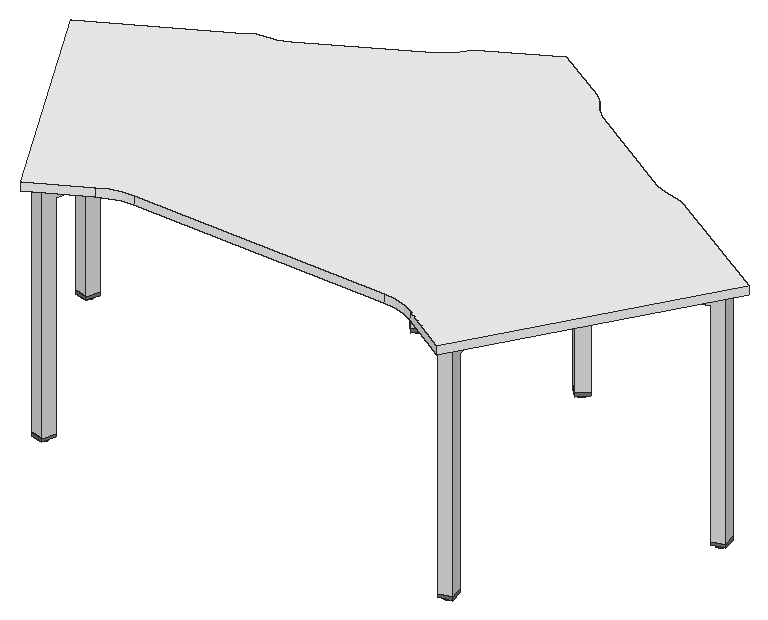
Revit family "Script Straight Leg 120 degree workstation 800 Deep", category Furniture, Revit 2016
Family settings
  OmniClass Number = 23.40.20.00
  OmniClass Title = General Furniture and Specialties
  Work Plane-Based = No
  Always vertical = Yes
  Cut with Voids When Loaded = No
  Shared = No
  Room Calculation Point = No
Parameters
  URL = "www.gof.co.uk"
  Type Comments = ""
  Product Code = "XDYS128"
  Desktop = Gresham - White MFC
  Model = ""
  Manufacturer = "Gresham Office Furniture"  # constant formula
  Frame = Gresham - Silver Metal
  Foot = Gresham - Black Plastic
  Assembly Code = "E2020200"
Reference planes
  plane 1 "Center (Front/Back)": y = -58.397
  plane 2: z = 0
  plane 3 "Center (Left/Right)": x = 0
  plane 4 "Desktop Underside": z = 702
  plane 5 "Foot": z = 15
  plane 6: y = 588.013
  plane 7: y = -704.808
  plane 8: x = -1039.23
  plane 9: x = 1039.23
Forms (mm)
  Extrusion 1, solid, material "Gresham - Silver Metal" <- "Frame"
    sketch origin (511.714, -228.91, 702) x (0.258819, -0.965926, 0) y (0, 0, 1)
      loop
        line (-93, -40) -> (402.685, -40) -> (402.685, -687) -> (442.685, -687) -> (442.685, 0) -> (-93, 0) -> (-93, -40)
    from -20 to 20
  Extrusion 2, solid, material "Gresham - Black Plastic" <- "Foot"
    sketch origin (59.808, 91.603, 15) x (-0.866025, 0.5, 0) y (-0.5, -0.866025, 0)
      loop
        line (-850.503, 378.787) -> (-878.787, 350.503) -> (-850.503, 322.218) -> (-822.218, 350.503) -> (-850.503, 378.787)
      loop
        line (-850.503, -378.787) -> (-822.218, -350.503) -> (-850.503, -322.218) -> (-878.787, -350.503) -> (-850.503, -378.787)
    from 0 to -10
  Extrusion 3, solid, material "Gresham - Black Plastic"
    sketch origin (59.808, 91.603, 0) x (0.866025, -0.5, 0) y (0.5, 0.866025, 0)
      loop
        circle (850.503, -350.503) r 15
      loop
        circle (850.503, 350.503) r 15
    from 0 to 5
  Extrusion 4, solid, material "Gresham - Silver Metal" <- "Frame"
    sketch origin (1039.23, -11.987, 702) x (-0.965926, -0.258819, 0) y (0, 0, 1)
      loop
        line (585.685, -40) -> (585.685, 0) -> (50, 0) -> (50, -687) -> (90, -687) -> (90, -40) -> (585.685, -40)
    from -20 to 20
  Extrusion 5, solid, material "Gresham - White MFC" <- "Desktop"
    sketch origin (-74115.542, -33223.428, 702) x (-1, 0, 0) y (0, -1, 0)
      loop
        line (-74288.747, -33711.441) -> (-74115.542, -33811.441) -> (-73942.337, -33711.441)
        arc (-73942.337, -33711.441) -> (-73920.203, -33695.005) -> (-73902.405, -33673.952) r 120
        arc (-73902.405, -33673.952) -> (-73884.606, -33652.899) -> (-73862.472, -33636.463) r 120
        line (-73862.472, -33636.463) -> (-73553.567, -33458.117)
        arc (-73553.567, -33458.117) -> (-73528.267, -33447.166) -> (-73501.135, -33442.279) r 120
        arc (-73501.135, -33442.279) -> (-73474.003, -33437.391) -> (-73448.703, -33426.441) r 120
        line (-73448.703, -33426.441) -> (-73076.312, -33211.441) -> (-73476.312, -32518.62) -> (-73632.196, -32608.62)
        arc (-73632.196, -32608.62) -> (-73680.432, -32628.6) -> (-73732.196, -32635.415) r 200
        line (-73732.196, -32635.415) -> (-74498.888, -32635.415)
        arc (-74498.888, -32635.415) -> (-74550.652, -32628.6) -> (-74598.888, -32608.62) r 200
        line (-74598.888, -32608.62) -> (-74754.773, -32518.62) -> (-75154.773, -33211.441) -> (-74782.382, -33426.441)
        arc (-74782.382, -33426.441) -> (-74757.081, -33437.391) -> (-74729.949, -33442.279) r 120
        arc (-74729.949, -33442.279) -> (-74702.817, -33447.166) -> (-74677.517, -33458.117) r 120
        line (-74677.517, -33458.117) -> (-74368.612, -33636.463)
        arc (-74368.612, -33636.463) -> (-74346.478, -33652.899) -> (-74328.68, -33673.952) r 120
        arc (-74328.68, -33673.952) -> (-74310.881, -33695.005) -> (-74288.747, -33711.441) r 120
    from 0 to 25
  Extrusion 6, solid, material "Gresham - Silver Metal" <- "Frame"
    sketch origin (-492.82, -158.397, 702) x (-0.258819, -0.965926, 0) y (0, 0, 1)
      loop
        line (-20, -40) -> (475.685, -40) -> (475.685, -687) -> (515.685, -687) -> (515.685, 0) -> (-20, 0) -> (-20, -40)
    from -20 to 20
  Extrusion 7, solid, material "Gresham - Black Plastic" <- "Foot"
    sketch origin (-59.808, 91.603, 15) x (0.866025, 0.5, 0) y (-0.5, 0.866025, 0)
      loop
        line (-850.503, -378.787) -> (-822.218, -350.503) -> (-850.503, -322.218) -> (-878.787, -350.503) -> (-850.503, -378.787)
      loop
        line (-850.503, 378.787) -> (-878.787, 350.503) -> (-850.503, 322.218) -> (-822.218, 350.503) -> (-850.503, 378.787)
    from 0 to -10
  Extrusion 8, solid, material "Gresham - Black Plastic"
    sketch origin (-59.808, 91.603, 0) x (-0.866025, -0.5, 0) y (0.5, -0.866025, 0)
      loop
        circle (850.503, 350.503) r 15
      loop
        circle (850.503, -350.503) r 15
    from 0 to 5
  Extrusion 9, solid, material "Gresham - Silver Metal" <- "Frame"
    sketch origin (-1039.23, -11.987, 702) x (0.965926, -0.258819, 0) y (0, 0, 1)
      loop
        line (585.685, -40) -> (585.685, 0) -> (50, 0) -> (50, -687) -> (90, -687) -> (90, -40) -> (585.685, -40)
    from -20 to 20
  Extrusion 10, solid, material "Gresham - Silver Metal" <- "Frame"
    sketch origin (-300, 385.94, 702) x (0.707107, -0.707107, 0) y (0, 0, 1)
      loop
        line (444.264, -40) -> (444.264, 0) -> (50, 0) -> (50, -687) -> (90, -687) -> (90, -40) -> (444.264, -40)
    from -20 to 20
  Extrusion 11, solid, material "Gresham - Black Plastic" <- "Foot"
    sketch origin (0, -514.06, 15) x (0, -1, 0) y (1, 0, 0)
      loop
        line (-850.503, -278.787) -> (-822.218, -250.503) -> (-850.503, -222.218) -> (-878.787, -250.503) -> (-850.503, -278.787)
      loop
        line (-850.503, 278.787) -> (-878.787, 250.503) -> (-850.503, 222.218) -> (-822.218, 250.503) -> (-850.503, 278.787)
    from 0 to -10
  Extrusion 12, solid, material "Gresham - Black Plastic"
    sketch origin (0, -514.06, 0) x (0, 1, 0) y (-1, 0, 0)
      loop
        circle (850.503, 250.503) r 15
      loop
        circle (850.503, -250.503) r 15
    from 0 to 5
  Extrusion 13, solid, material "Gresham - Silver Metal" <- "Frame"
    sketch origin (300, 385.94, 702) x (-0.707107, -0.707107, 0) y (0, 0, 1)
      loop
        line (444.264, -40) -> (444.264, 0) -> (50, 0) -> (50, -687) -> (90, -687) -> (90, -40) -> (444.264, -40)
    from -20 to 20
Cuts and joins
  joined: Extrusion 1, Extrusion 4
  joined: Extrusion 6, Extrusion 9
  joined: Extrusion 10, Extrusion 13
Lines and regions (mm)
  reference lines
    curve 1: line (1039.23, -11.987, 702) -> (492.82, -158.397, 702)
    curve 2: line (492.82, -158.397, 702) -> (639.23, -704.808, 702)
    curve 3: line (-1039.23, -11.987, 702) -> (-492.82, -158.397, 702)
    curve 4: line (-492.82, -158.397, 702) -> (-639.23, -704.808, 702)
    curve 5: line (300, 385.94, 702) -> (0, 85.94, 702)
    curve 6: line (-300, 385.94, 702) -> (0, 85.94, 702)
Dimensions and locks
  locked: plane 4 "Desktop Underside" to plane 2 at 702
  plane 2 to plane 5 "Foot" to Extrusion 1 = 15 mm locked, 647 mm
  equal spacing: plane 7, plane 1 "Center (Front/Back)", plane 6
  locked: curve 6 to Extrusion 10 at 50
  locked: curve 5 to Extrusion 13 at 50
  locked: curve 1 to cut or joined group of Extrusion 1, Extrusion 4 at 50
  locked: curve 3 to cut or joined group of Extrusion 6, Extrusion 9 at 50
  Extrusion 5 to Extrusion 5 = 1200 mm  (x2)
  Extrusion 5 to level = 727 mm
  aligned and locked: level to plane 2
Automatic sketch dimensions
  plane 7 to curve 2 = 0 mm
  plane 7 to curve 4 = 0 mm
  plane 1 "Center (Front/Back)" to curve 2 = 100 mm
  plane 3 "Center (Left/Right)" to curve 2 = 492.82 mm
  plane 1 "Center (Front/Back)" to curve 3 = 100 mm
  curve 3 to plane 3 "Center (Left/Right)" = 492.82 mm
  curve 2 to curve 1 = 146.41 mm
  curve 1 to plane 1 "Center (Front/Back)" = 46.41 mm
  curve 3 to curve 4 = 146.41 mm
  curve 3 to plane 1 "Center (Front/Back)" = 46.41 mm
  Extrusion 1 sketch curve to curve 2 = 0 mm
  Extrusion 1 sketch curve to curve 2 = 20 mm
  curve 2 to Extrusion 1 sketch curve = 40 mm
  Extrusion 1 sketch curve to curve 2 = 90 mm
  Extrusion 1 sketch curve to curve 2 = 687 mm
  Extrusion 2 sketch curve to plane 7 = 53.473 mm
  plane 3 "Center (Left/Right)" to Extrusion 2 sketch curve = 645.608 mm
  Extrusion 2 sketch curve to Extrusion 2 sketch curve = 0 mm
  Extrusion 2 sketch curve to Extrusion 2 sketch curve = 28.284 mm  (x6)
  Extrusion 2 sketch curve to Extrusion 2 sketch curve = 644.437 mm
  Extrusion 3 sketch curve to plane 1 "Center (Front/Back)" = 28.293 mm
  plane 3 "Center (Left/Right)" to Extrusion 3 sketch curve = 971.616 mm
  Extrusion 3 sketch curve to Extrusion 3 sketch curve = 0 mm
  Extrusion 3 sketch curve to Extrusion 3 sketch curve = 701.005 mm
  Extrusion 4 sketch curve to curve 1 = 0 mm
  Extrusion 4 sketch curve to Extrusion 4 sketch curve = 40 mm  (x2)
  curve 1 to Extrusion 4 sketch curve = 20 mm
  Extrusion 4 sketch curve to curve 1 = 687 mm
  plane 7 to Extrusion 5 sketch curve = 0 mm  (x2)
  Extrusion 5 sketch curve to plane 3 "Center (Left/Right)" = 0 mm
  plane 6 to Extrusion 5 sketch curve = 0 mm
  plane 3 "Center (Left/Right)" to Extrusion 5 sketch curve = 113.205 mm
  Extrusion 5 sketch curve to Extrusion 5 sketch curve = 60 mm  (x6)
  Extrusion 5 sketch curve to Extrusion 5 sketch curve = 79.865 mm  (x2)
  plane 6 to Extrusion 5 sketch curve = 71.054 mm  (x2)
  plane 7 to Extrusion 5 sketch curve = 83.205 mm  (x2)
  plane 3 "Center (Left/Right)" to Extrusion 5 sketch curve = 383.346 mm
  Extrusion 5 sketch curve to plane 7 = 90 mm  (x2)
  Extrusion 5 sketch curve to Extrusion 5 sketch curve = 100 mm
  Extrusion 5 sketch curve to Extrusion 5 sketch curve = 308.905 mm  (x2)
  Extrusion 5 sketch curve to Extrusion 5 sketch curve = 44.865 mm  (x2)
  Extrusion 5 sketch curve to Extrusion 5 sketch curve = 155.885 mm  (x2)
  Extrusion 5 sketch curve to plane 1 "Center (Front/Back)" = 261.41 mm  (x2)
  Extrusion 5 sketch curve to Extrusion 5 sketch curve = 104.865 mm  (x2)
  Extrusion 5 sketch curve to plane 3 "Center (Left/Right)" = 113.205 mm
  Extrusion 5 sketch curve to plane 3 "Center (Left/Right)" = 383.346 mm
  plane 6 to Extrusion 5 sketch curve = 100 mm  (x2)
  Extrusion 5 sketch curve to Extrusion 5 sketch curve = 74.977 mm  (x2)
  Extrusion 5 sketch curve to Extrusion 5 sketch curve = 103.923 mm  (x4)
  Extrusion 5 sketch curve to Extrusion 5 sketch curve = 135.599 mm  (x2)
  Extrusion 5 sketch curve to Extrusion 5 sketch curve = 31.676 mm  (x2)
  curve 4 to Extrusion 6 sketch curve = 0 mm
  Extrusion 6 sketch curve to curve 4 = 20 mm
  curve 4 to Extrusion 6 sketch curve = 40 mm
  Extrusion 6 sketch curve to curve 4 = 90 mm
  Extrusion 6 sketch curve to curve 4 = 687 mm
  plane 7 to Extrusion 7 sketch curve = 53.473 mm
  plane 3 "Center (Left/Right)" to Extrusion 7 sketch curve = 645.608 mm
  Extrusion 7 sketch curve to Extrusion 7 sketch curve = 0 mm
  Extrusion 7 sketch curve to Extrusion 7 sketch curve = 28.284 mm  (x6)
  Extrusion 7 sketch curve to Extrusion 7 sketch curve = 644.437 mm
  plane 1 "Center (Front/Back)" to Extrusion 8 sketch curve = 28.293 mm
  plane 3 "Center (Left/Right)" to Extrusion 8 sketch curve = 971.616 mm
  Extrusion 8 sketch curve to Extrusion 8 sketch curve = 0 mm
  Extrusion 8 sketch curve to Extrusion 8 sketch curve = 701.005 mm
  curve 3 to Extrusion 9 sketch curve = 0 mm
  Extrusion 9 sketch curve to Extrusion 9 sketch curve = 40 mm  (x2)
  curve 3 to Extrusion 9 sketch curve = 20 mm
  Extrusion 9 sketch curve to curve 3 = 687 mm
  curve 6 to Extrusion 10 sketch curve = 0 mm
  Extrusion 10 sketch curve to Extrusion 10 sketch curve = 40 mm  (x2)
  curve 6 to Extrusion 10 sketch curve = 20 mm
  Extrusion 10 sketch curve to curve 6 = 687 mm
  plane 6 to Extrusion 11 sketch curve = 223.286 mm  (x2)
  Extrusion 11 sketch curve to Extrusion 11 sketch curve = 28.284 mm  (x6)
  Extrusion 11 sketch curve to plane 3 "Center (Left/Right)" = 278.787 mm
  plane 3 "Center (Left/Right)" to Extrusion 11 sketch curve = 222.218 mm
  plane 6 to Extrusion 12 sketch curve = 251.57 mm  (x2)
  plane 3 "Center (Left/Right)" to Extrusion 12 sketch curve = 250.503 mm
  Extrusion 12 sketch curve to plane 3 "Center (Left/Right)" = 250.503 mm
  Extrusion 13 sketch curve to curve 5 = 0 mm
  Extrusion 13 sketch curve to Extrusion 13 sketch curve = 40 mm  (x2)
  curve 5 to Extrusion 13 sketch curve = 20 mm
  Extrusion 13 sketch curve to curve 5 = 687 mm
  curve 6 to plane 3 "Center (Left/Right)" = 0 mm
  curve 6 to plane 1 "Center (Front/Back)" = 144.338 mm
  plane 3 "Center (Left/Right)" to curve 5 = 300 mm
  curve 6 to plane 3 "Center (Left/Right)" = 300 mm
  plane 6 to curve 5 = 202.073 mm
  Extrusion 6 sketch curve to Extrusion 6 sketch curve = 40 mm
  Extrusion 1 sketch curve to Extrusion 1 sketch curve = 40 mm
  curve 3 to Extrusion 9 sketch curve = 90 mm
  curve 6 to Extrusion 10 sketch curve = 90 mm
  curve 5 to Extrusion 13 sketch curve = 90 mm
  curve 1 to Extrusion 4 sketch curve = 90 mm
  radius of Extrusion 3 sketch curve = 15 mm  (x2)
  radius of Extrusion 8 sketch curve = 15 mm  (x2)
  radius of Extrusion 12 sketch curve = 15 mm  (x2)
